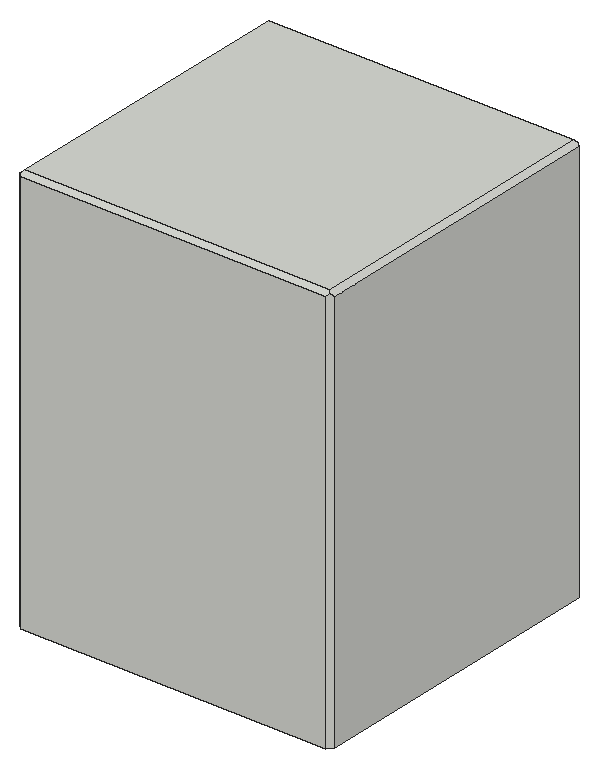
Revit family "CUbe_pierre_LBA_SbD", category Equipement spécialisé, Revit 2017
Family settings
  Cote de connecteur circulaire = Utiliser le diamètre
  Type d'élément = Normal
  Basée sur le plan de construction = Non
  Toujours verticalement = Oui
  Couper avec des vides une fois chargée = Non
  Partagée = Non
  Point de calcul de pièce = Non
Parameters (values of type "CUbe_pierre 500 x 500 x 650 H")
  longueur = 500 mm
  largeur = 500 mm
  hauteur = 650 mm
  URL = "https://barriere-automatique.com/fr/"
  Modèle = "CUbe (pierre)"
  Matériaux = PIERRE POLIE CUbe
  Fabricant = "La Barrière Automatique – Security by Design"
Reference planes
  plane 1 "Centre (avant/arrière)": y = 0
  plane 2: z = 0
  plane 3 "Centre (gauche/droite)": x = 0
  plane 4 "Arrière": y = 250
  plane 5 "Droite": x = 250
  plane 6 "Gauche": x = -250
  plane 7 "Avant": y = -250
  plane 8 "H": z = 650
Forms (mm)
  Extrusion 1, solid, material "PIERRE POLIE CUbe" <- "Matériaux"
    sketch origin (0, 0, 0) x (1, 0, 0) y (0, 1, 0)
      loop
        line (-242.929, 250) -> (-250, 242.929) -> (-250, -242.929) -> (-242.929, -250) -> (242.929, -250) -> (250, -242.929) -> (250, 242.929) -> (242.929, 250) -> (-242.929, 250)
    from 0 to 650
  Sweep 2, void
    path origin (0, 0, 650) x (0, -1, 0) y (1, 0, 0)
      loop
        line (-250, -250) -> (250, -250) -> (250, 250) -> (-250, 250) -> (-250, -250)
    profile origin (0, 250, 650) x (0, 1, 0) y (0, 0, 1)
      loop
        line (-7.071, 0) -> (0, -7.071) -> (0, 0) -> (-7.071, 0)
Cuts and joins
  Sweep 2 cuts Extrusion 1
Lines and regions (mm)
  symbolic lines, style "LIGNE_2D"
    curve 1: line (-250, 250, 0) -> (250, 250, 0)
    curve 2: line (-250, -250, 0) -> (-250, 250, 0)
    curve 3: line (250, -250, 0) -> (-250, -250, 0)
    curve 4: line (250, 250, 0) -> (250, -250, 0)
    curve 5: line (-250, -250, 650) -> (250, -250, 650)
    curve 6: line (-250, -250, 0) -> (-250, -250, 650)
    curve 7: line (250, -250, 0) -> (-250, -250, 0)
    curve 8: line (250, -250, 650) -> (250, -250, 0)
    curve 9: line (-250, 250, 650) -> (250, 250, 650)
    curve 10: line (-250, 250, 0) -> (-250, 250, 650)
    curve 11: line (250, 250, 0) -> (-250, 250, 0)
    curve 12: line (250, 250, 650) -> (250, 250, 0)
    curve 13: line (250, -250, 650) -> (250, 250, 650)
    curve 14: line (250, -250, 0) -> (250, -250, 650)
    curve 15: line (250, 250, 0) -> (250, -250, 0)
    curve 16: line (250, 250, 650) -> (250, 250, 0)
    curve 17: line (-250, -250, 650) -> (-250, 250, 650)
    curve 18: line (-250, -250, 0) -> (-250, -250, 650)
    curve 19: line (-250, 250, 0) -> (-250, -250, 0)
    curve 20: line (-250, 250, 650) -> (-250, 250, 0)
Dimensions and locks
  equal spacing: plane 6 "Gauche", plane 3 "Centre (gauche/droite)", plane 5 "Droite"
  "largeur": plane 6 "Gauche" to plane 5 "Droite"
  equal spacing: plane 4 "Arrière", plane 1 "Centre (avant/arrière)", plane 7 "Avant"
  "longueur": plane 4 "Arrière" to plane 7 "Avant"
  "hauteur": plane 8 "H" to plane 2
  aligned and locked: level to plane 2
  aligned and locked: Extrusion 1 sketch curve to plane 5 "Droite"
  aligned and locked: Extrusion 1 sketch curve to plane 4 "Arrière"
  aligned and locked: plane 6 "Gauche" to Extrusion 1 sketch curve
  aligned and locked: plane 7 "Avant" to Extrusion 1 sketch curve
  aligned and locked: plane 8 "H" to Extrusion 1
  aligned and locked: curve 4 to plane 5 "Droite"
  aligned and locked: curve 1 to plane 4 "Arrière"
  aligned and locked: plane 6 "Gauche" to curve 2
  aligned and locked: plane 7 "Avant" to curve 3
  aligned and locked: curve 5 to plane 8 "H"
  aligned and locked: curve 8 to plane 5 "Droite"
  aligned and locked: plane 2 to curve 7
  aligned and locked: plane 6 "Gauche" to curve 6
  aligned and locked: curve 13 to plane 8 "H"
  aligned and locked: curve 16 to plane 4 "Arrière"
  aligned and locked: plane 7 "Avant" to curve 14
  aligned and locked: plane 2 to curve 15
  aligned and locked: Sweep 2 sketch curve to plane 4 "Arrière"
  aligned and locked: plane 6 "Gauche" to Sweep 2 sketch curve
  aligned and locked: plane 7 "Avant" to Sweep 2 sketch curve
  aligned and locked: Sweep 2 sketch curve to plane 5 "Droite"
  aligned and locked: profile plane to Sweep 2 sketch curve
  aligned and locked: Sweep 2 sketch curve to profile plane
Automatic sketch dimensions
  curve 9 to plane 5 "Droite" = 0 mm
  curve 11 to level = 0 mm
  curve 11 to plane 6 "Gauche" = 0 mm
  curve 10 to plane 8 "H" = 0 mm
  curve 19 to level = 0 mm
  curve 19 to plane 7 "Avant" = 0 mm
  curve 19 to plane 4 "Arrière" = 0 mm
  curve 18 to plane 8 "H" = 0 mm
  plane 6 "Gauche" to Extrusion 1 sketch curve = 7.071 mm  (x2)
  Extrusion 1 sketch curve to plane 5 "Droite" = 7.071 mm  (x2)
  plane 7 "Avant" to Extrusion 1 sketch curve = 7.071 mm  (x2)
  Extrusion 1 sketch curve to plane 4 "Arrière" = 7.071 mm  (x2)
  Sweep 2 sketch curve to Sweep 2 sketch curve = 7.071 mm
  profile plane to Sweep 2 sketch curve = 7.071 mm
